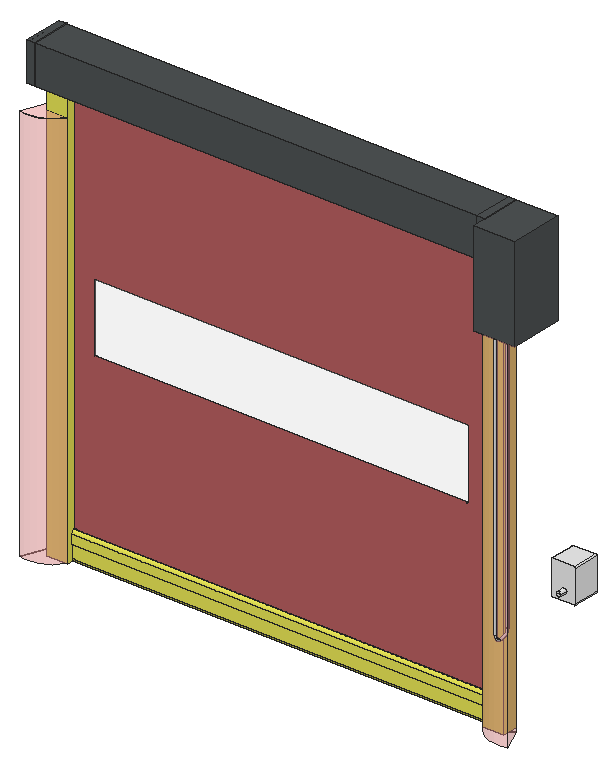
Revit family "Doors_Industrial_Wayne-Dalton_High-Speed-Interior-Fabric-Doors-Model-881-ADV-Xtreme_туц", category Specialty Equipment, host Wall, Revit 2019 (continued)
Definition of nested family "Panel"
  Forms (in)
    Extrusion 1, solid, material <- "Panel Material", visible <- "VP"
      sketch origin (0, 0, 0) x (1, 0, 0) y (0, 0, 1)
        loop
          line (-60, 0.5) -> (60, 0.5) -> (60, 125.62) -> (-60, 125.62) -> (-60, 0.5)
      from 0 to 0.16 <- "Window Thickness"
    Extrusion 2, solid, material <- "Window Material", visible <- "1 Window"
      sketch origin (0, 0, 0) x (1, 0, 0) y (0, 0, 1)
        loop
          line (-54, 75) -> (-54, 55) -> (54, 55) -> (54, 75) -> (-54, 75)
      from 0 to 0.16
    Extrusion 3, void
      sketch origin (0, 0, 0) x (1, 0, 0) y (0, 0, 1)
        loop
          line (-54, 75) -> (-54, 55) -> (54, 55) -> (54, 75) -> (-54, 75)
      from 0 to 0.16
    Extrusion 4, void
      sketch origin (0, 0, 0) x (1, 0, 0) y (0, 0, 1)
        loop
          line (-54, 75) -> (-54, 55) -> (54, 55) -> (54, 75) -> (-54, 75)
      from 0 to 0.16
    Extrusion 5, void
      sketch origin (0, 0, 0) x (1, 0, 0) y (0, 0, 1)
        loop
          line (54, 75) -> (-54, 75) -> (-54, 55) -> (54, 55) -> (54, 75)
      from 0 to 0.16
    Extrusion 6, solid, material <- "Panel Material", visible <- "No VP"
      sketch origin (0, 0, 0) x (1, 0, 0) y (0, 0, 1)
        loop
          line (-60, 0.5) -> (60, 0.5) -> (60, 125.62) -> (-60, 125.62) -> (-60, 0.5)
      from 0 to 0.16
    Extrusion 7, solid, material <- "Window Material", visible <- "1 Window"
      sketch origin (0, 0, 0) x (1, 0, 0) y (0, 0, 1)
        loop
          line (-54, 75) -> (-54, 55) -> (54, 55) -> (54, 75) -> (-54, 75)
      from 0 to 0.16 <- "Window Thickness"
    Extrusion 8, solid, material <- "Window Material", visible <- "Many Window"
      sketch origin (101.02023, 0, -3) x (1, 0, 0) y (0, 0, 1)
        loop
          line (-155.02023, 78) -> (-155.02023, 58) -> (-47.02023, 58) -> (-47.02023, 78) -> (-155.02023, 78)
      from 0 to 0.16
    Extrusion 9, solid, material <- "Window Material", visible <- "Many Window"
      sketch origin (101.02023, 0, -3) x (1, 0, 0) y (0, 0, 1)
        loop
          line (-155.02023, 78) -> (-155.02023, 58) -> (-47.02023, 58) -> (-47.02023, 78) -> (-155.02023, 78)
      from 0 to 0.16
  Cuts and joins
    Extrusion 3, Extrusion 4, Extrusion 5 cuts Extrusion 1
  Dimensions and locks (in)
    equal spacing: plane 5, plane 3 "Center (Left/Right)", plane 6
    "Width": plane 5 to plane 6
    "Height Real": plane 4 to level
    locked: plane 7 to plane 5 at 6
    locked: plane 6 to plane 8 at 6
    "New Offset": plane 11 to level
    "Window Height": plane 12 to plane 11
    locked: Extrusion 1 sketch curve to level at 0.5
    locked: Extrusion 6 sketch curve to level at 0.5
    locked: plane 7 to plane 9 at 12
    locked: plane 8 to plane 10 at 12
    "1 Window Offset": plane 5 to plane 14
    equal spacing: Extrusion 3 sketch curve, plane 14, Extrusion 3 sketch curve
    "Window Width": Extrusion 3 sketch curve to Extrusion 3 sketch curve
    "Window Width": plane 9 to Extrusion 4 sketch curve
    "Window Width": plane 10 to Extrusion 5 sketch curve
    equal spacing: Extrusion 2 sketch curve, plane 3 "Center (Left/Right)", Extrusion 2 sketch curve
    "Window Width": Extrusion 2 sketch curve to Extrusion 2 sketch curve
    equal spacing: plane 12, plane 15, plane 11
    equal spacing: Extrusion 7 sketch curve, plane 3 "Center (Left/Right)", cut or joined group of Extrusion 1, Extrusion 3, Extrusion 4, Extrusion 5
    "Window Width": Extrusion 7 sketch curve to Extrusion 7 sketch curve
    "Window Width": Extrusion 8 sketch curve to Extrusion 8 sketch curve
    "Window Width": Extrusion 9 sketch curve to Extrusion 9 sketch curve
    group 2 to group 1 = 0' - 0"
    group 1 to group 2 = 0' - 0"  (x2)
    aligned and locked: plane 2 to level
    aligned and locked: Extrusion 1 sketch curve to plane 5
    aligned and locked: Extrusion 1 sketch curve to plane 6
    aligned and locked: Extrusion 1 sketch curve to plane 4
    aligned and locked: Extrusion 2 sketch curve to plane 12
    aligned and locked: Extrusion 2 sketch curve to plane 11
    aligned and locked: Extrusion 4 sketch curve to plane 12
    aligned and locked: Extrusion 4 sketch curve to plane 11
    aligned and locked: Extrusion 4 sketch curve to plane 9
    aligned and locked: Extrusion 5 sketch curve to plane 10
    aligned and locked: Extrusion 5 sketch curve to plane 12
    aligned and locked: Extrusion 5 sketch curve to plane 11
    aligned and locked: Extrusion 6 sketch curve to plane 5
    aligned and locked: Extrusion 6 sketch curve to plane 6
    aligned and locked: Extrusion 6 sketch curve to plane 4
    aligned and locked: Extrusion 3 sketch curve to plane 12
    aligned and locked: plane 11 to Extrusion 3 sketch curve
    aligned and locked: Extrusion 6 to plane 6
    aligned and locked: Extrusion 7 sketch curve to plane 12
    aligned and locked: plane 11 to Extrusion 7 sketch curve
    aligned and locked: plane 9 to Extrusion 8
    aligned and locked: plane 10 to Extrusion 9
    aligned and locked: Extrusion 9 to plane 11
    aligned and locked: Extrusion 8 to plane 11
  Automatic sketch dimensions
    Extrusion 8 sketch curve to Extrusion 8 sketch curve = 1' - 8"
    Extrusion 9 sketch curve to Extrusion 9 sketch curve = 1' - 8"
Types (7): name | Three Phase Controller | One Phase Controller | External Transformer | Voltage | Number of Poles | Apparent Load Phase 3 | Apparent Load Phase 2 | Apparent Load Phase 1
  115 volts, one phase, 60 Hz (110-120V range) | no | yes | no | 115 V | 1 | 0 VA | 0 VA | 2300 VA
  208 volts, one phase, 60 Hz (190-207V range) | no | yes | yes | 208 V | 1 | 0 VA | 0 VA | 4160 VA
  208 volts, three phase, 60 Hz (190-207 V range) | yes | no | yes | 208 V | 3 | 2401.78 VA | 2401.78 VA | 2401.78 VA
  230 volts, one phase, 60 Hz (208-245V range) | no | yes | no | 230 V | 1 | 0 VA | 0 VA | 4600 VA
  230 volts, three phase, 60 Hz (208-245 V range) | yes | no | no | 230 V | 3 | 2655.81 VA | 2655.81 VA | 2655.81 VA
  460 volts, three phase, 60 Hz (456-495 V range) | yes | no | no | 460 V | 3 | 5311.62 VA | 5311.62 VA | 5311.62 VA
  575 volts, three phase, 60 Hz | yes | no | yes | 575 V | 3 | 6639.53 VA | 6639.53 VA | 6639.53 VA
